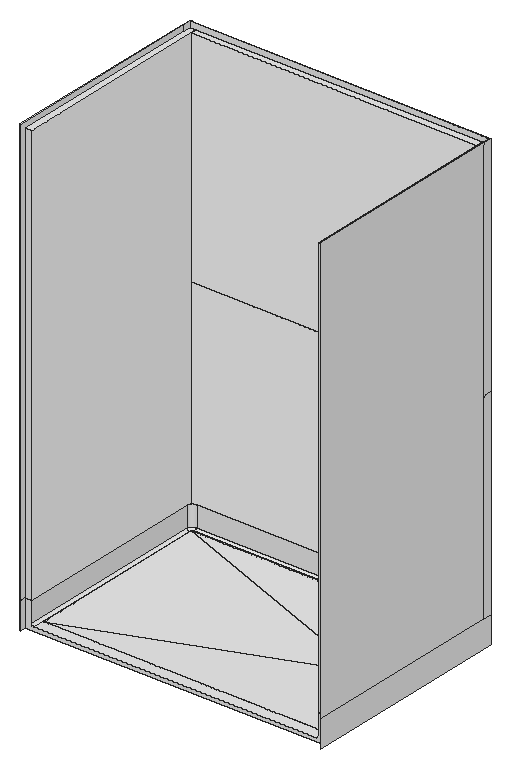
Revit family "5LBS5436FB75B,FB2B,FB75T,FB2T", category Plumbing Fixtures, Revit 2017
Family settings
  Round Connector Dimension = Use Diameter
  Part Type = Normal
  OmniClass Number = 23.45.05.14.17
  OmniClass Title = Showers
  Work Plane-Based = No
  Always vertical = Yes
  Cut with Voids When Loaded = No
  Shared = No
  Room Calculation Point = No
Parameters (values of type "5LBS5436FB75B")
  Unit Width = 54"
  Unit Height = 81 1/4"
  Unit Depth = 37"
  URL = "http://www.bestbath.com/"
  Type Comments = "Barrier Free, Flat Back"
  Threshold Height = 3/4"
  Model = "5LBS5436FB75B"
  Material [instance] = Best Bath Gelcoat Fiberglass - Smooth
  Manufacturer = "Best Bath Systems, Inc."
  Keynote = "22 40 00.B3"
  Description = "4 x 8 Subway Tile, Beveled Threshold"
  Assembly Code = "D2010710"
Types (5): name | Unit Height | Threshold Height | Model | Material | Description
  (no name) | 81 1/4" | 3/4" | "5LBS5436FB75B" | Best Bath Gelcoat Fiberglass - Smooth | "4 x 8 Subway Tile, Beveled Threshold"
  5LBS5436FB75B | 81 1/4" | 3/4" | "5LBS5436FB75B" | Best Bath Gelcoat Fiberglass - Smooth | "4 x 8 Subway Tile, Beveled Threshold"
  5LBS5436FB75T | 81 1/4" | 3/4" | "5LBS5436FB75T" | Best Bath Gelcoat Fiberglass - Smooth | "4 x 8 Subway Tile, Traditionals Bull Nose Threshold"
  5LBS5436FB2T | 82 1/2" | 2" | "5LBS5436FB2T" | Best Bath Gelcoat Fiberglass - Smooth | "4 x 8 Subway Tile, Traditionals Bull Nose Threshold"
  5LBS5436FB2B | 82 1/2" | 2" | "5LBS5436FB2B" | Best Bath Gelcoat Fiberglass - RealTile | "4 x 8 Subway Tile, Beveled Threshold"
Reference planes (in)
  plane 1: z = 0
  plane 2 "Left": x = 0
  plane 3: z = 80.25
  plane 4: z = 81.25
  plane 5: y = 0.36165
  plane 6: y = 37.36165
  plane 7: x = 54
  plane 8: y = 36.11165
  plane 9: y = 19.36165
  plane 10: z = 0.375
  plane 11: z = 0.75
  plane 12: z = 40.25
  plane 13: z = 4.75
  plane 14: y = -0.63835
  plane 15: z = 44
  plane 16: y = 0.36165
  plane 17: x = 45.5
Forms (in)
  Extrusion 1, solid, material "Best Bath Gelcoat Fiberglass - Smooth"
    sketch origin (0, 0, 0) x (1, 0, 0) y (0, 1, 0)
      loop
        line (0, 0.36165) -> (54, 0.36165) -> (54, 37.36165) -> (0, 37.36165) -> (0, 0.36165)
      loop
        circle (45.5032, 19.36165) r 2.125
    from 0 to 0.75
  Extrusion 2, solid, material "Best Bath Gelcoat Fiberglass - Smooth" <- "Material"
    sketch origin (0, 0, 0) x (1, 0, 0) y (0, 1, 0)
      loop
        line (1.25, 37.23665) -> (1.25, 36.11165) -> (52.75, 36.11165) -> (52.75, 37.23665) -> (1.25, 37.23665)
    from 4.75 to 40.25
  Blend 3, void
    base sketch origin (0, 0, 0) x (1, 0, 0) y (0, 1, 0)
      loop
        line (1.875, 2.36165) -> (52.125, 2.36165) -> (52.125, 35.48665) -> (1.875, 35.48665) -> (1.875, 2.36165)
    top sketch origin (0, 0, 0) x (1, 0, 0) y (0, 1, 0)
      loop
        circle (45.49922, 19.36165) r 0.07952
    from 0.75 to 0.375
  Extrusion 4, solid, material "Best Bath Gelcoat Fiberglass - Smooth" <- "Material"
    sketch origin (0, 0, 0) x (1, 0, 0) y (0, 1, 0)
      loop
        line (1.25, 37.36165) -> (1.25, 36.11165) -> (52.75, 36.11165) -> (52.75, 37.36165) -> (1.25, 37.36165)
    from 40.25 to 80.25
  Extrusion 5, solid, material "Best Bath Gelcoat Fiberglass - Smooth"
    sketch origin (0.25, 0, 0) x (1, 0, 0) y (0, 1, 0)
      loop
        line (53.625, 0.36165) -> (53.625, 37.23665) -> (52.5, 37.23665) -> (52.5, 0.36165) -> (53.625, 0.36165)
      loop
        line (-0.125, 0.36165) -> (1, 0.36165) -> (1, 37.23665) -> (-0.125, 37.23665) -> (-0.125, 0.36165)
    from 4.75 to 80.25
  Extrusion 6, solid, material "Best Bath Gelcoat Fiberglass - Smooth"
    sketch origin (0, 0, 0) x (1, 0, 0) y (0, 1, 0)
      loop
        line (0, 37.36165) -> (0, 0.36165) -> (1.25, 0.36165) -> (1.25, 35.11165)
        arc (1.25, 35.11165) -> (1.54289, 35.81875) -> (2.25, 36.11165) r 1
        line (2.25, 36.11165) -> (51.75, 36.11165)
        arc (51.75, 36.11165) -> (52.45711, 35.81875) -> (52.75, 35.11165) r 1
        line (52.75, 35.11165) -> (52.75, 0.36165) -> (54, 0.36165) -> (54, 36.11165) -> (54, 37.36165) -> (0, 37.36165)
    from 0 to 4.75
  Sweep 7, solid, material "Best Bath Gelcoat Fiberglass - Smooth"
    path origin (0, 0, 0) x (1, 0, 0) y (0, 1, 0)
      loop
        line (1.25, 0.36165) -> (1.25, 35.11165)
        arc (1.25, 35.11165) -> (1.54289, 35.81875) -> (2.25, 36.11165) r 1
        line (2.25, 36.11165) -> (51.75, 36.11165)
        arc (51.75, 36.11165) -> (52.45711, 35.81875) -> (52.75, 35.11165) r 1
        line (52.75, 35.11165) -> (52.75, 0.36165)
    profile origin (1.25, 17.73665, 0) x (-1, 0, 0) y (0, 0, 1)
      loop
        line (0, 0.75) -> (0, 1.125)
        arc (0, 1.125) -> (-0.10983, 0.85983) -> (-0.375, 0.75) r 0.375
        line (-0.375, 0.75) -> (0, 0.75)
  Extrusion 8, solid, material "Best Bath Gelcoat Fiberglass - Smooth"
    sketch origin (0, 0, 0) x (1, 0, 0) y (0, 1, 0)
      loop
        line (0, -0.63835) -> (0.125, -0.63835) -> (0.125, 0.36165) -> (0, 0.36165) -> (0, -0.63835)
      loop
        line (54, -0.63835) -> (54, 0.36165) -> (53.875, 0.36165) -> (53.875, -0.63835) -> (54, -0.63835)
    from 0 to 4.75
  Extrusion 9, solid, material "Best Bath Gelcoat Fiberglass - Smooth" <- "Material"
    sketch origin (0, 0, 0) x (1, 0, 0) y (0, 1, 0)
      loop
        line (0, 37.36165) -> (0, 35.86165) -> (0.125, 35.86165) -> (0.125, 37.23665) -> (53.875, 37.23665) -> (53.875, 35.86165) -> (54, 35.86165) -> (54, 37.36165) -> (0, 37.36165)
    from 40.25 to 81.25
  Extrusion 10, solid, material "Best Bath Gelcoat Fiberglass - Smooth"
    sketch origin (0, 0, 0) x (1, 0, 0) y (0, 1, 0)
      loop
        line (53.875, -0.63835) -> (54, -0.63835) -> (54, 35.86165) -> (53.875, 35.86165) -> (53.875, -0.63835)
      loop
        line (0.125, -0.63835) -> (0.125, 35.86165) -> (0, 35.86165) -> (0, -0.63835) -> (0.125, -0.63835)
    from 4.75 to 81.25
  Extrusion 11, solid, material "Best Bath Gelcoat Fiberglass - Smooth"
    sketch origin (0, 0, 0) x (1, 0, 0) y (0, 1, 0)
      loop
        line (0.12513, 37.23665) -> (53.87487, 37.23665) -> (53.87487, 35.86165) -> (54, 35.86165) -> (54, 37.36165) -> (0, 37.36165) -> (0, 35.86165) -> (0.12513, 35.86165) -> (0.12513, 37.23665)
    from 4.75 to 40.5
Cuts and joins
  Blend 3 cuts Extrusion 1
  joined: Extrusion 1, Extrusion 6, Sweep 7, Extrusion 8
  joined: Extrusion 4, Extrusion 9
  joined: Extrusion 5, Extrusion 10
Dimensions and locks (in)
  locked: plane 4 to plane 3 at 1
  "Unit Height": plane 4 to level
  "Unit Width": plane 2 "Left" to plane 7
  locked: plane 6 to plane 8 at 1.25
  plane 6 to plane 9 = 18"
  "Threshold Height": plane 11 to level
  locked: plane 11 to plane 10 at 0.375
  locked: plane 12 to plane 13 at 35.5
  locked: plane 13 to plane 11 at 4
  locked: plane 5 to plane 14 at 1
  plane 15 to plane 12 = 3 3/4"
  "Unit Depth": plane 6 to plane 16
  plane 2 "Left" to plane 17 to plane 7 = 45 1/2", 8 1/2"
  aligned and locked: level to plane 1
  aligned and locked: Extrusion 1 sketch curve to plane 5
  aligned and locked: Extrusion 1 sketch curve to plane 2 "Left"
  aligned and locked: plane 6 to Extrusion 1 sketch curve
  aligned and locked: Extrusion 1 sketch curve to plane 7
  aligned and locked: plane 9 to Extrusion 1 sketch curve
  aligned and locked: plane 11 to Extrusion 1
  aligned and locked: plane 9 to Blend 3 sketch curve
  aligned and locked: Extrusion 1 to Blend 3
  aligned and locked: Blend 3 to plane 10
  aligned and locked: plane 12 to Extrusion 2
  aligned and locked: Extrusion 4 to Extrusion 2
  aligned and locked: plane 3 to Extrusion 4
  aligned and locked: plane 3 to Extrusion 5
  aligned and locked: plane 13 to Extrusion 6
  aligned and locked: Extrusion 5 to plane 13
  aligned and locked: Extrusion 2 to plane 13
  aligned and locked: Sweep 7 sketch curve to plane 11
  aligned and locked: Extrusion 8 to Extrusion 2
  aligned and locked: plane 4 to Extrusion 9
  aligned and locked: Extrusion 10 to Extrusion 2
  aligned and locked: plane 4 to Extrusion 10
  aligned and locked: Extrusion 9 to plane 12
  aligned and locked: cut or joined group of Extrusion 5, Extrusion 10 to Extrusion 4 sketch curve
  aligned and locked: Extrusion 4 sketch curve to cut or joined group of Extrusion 5, Extrusion 10
  aligned and locked: Extrusion 2 sketch curve to cut or joined group of Extrusion 4, Extrusion 9  (x2)
  aligned and locked: Extrusion 11 to Extrusion 2
Automatic sketch dimensions
  Extrusion 2 sketch curve to plane 8 = 0"
  Extrusion 2 sketch curve to plane 6 = 1/8"
  Blend 3 sketch curve to plane 8 = 5/8"
  plane 2 "Left" to Blend 3 sketch curve = 1 7/8"
  plane 7 to Blend 3 sketch curve = 1 7/8"
  plane 5 to Blend 3 sketch curve = 2"
  Extrusion 4 sketch curve to plane 8 = 0"
  Extrusion 4 sketch curve to plane 6 = 0"
  Extrusion 5 sketch curve to plane 5 = 0"  (x2)
  plane 2 "Left" to Extrusion 5 sketch curve = 1/8"
  Extrusion 5 sketch curve to Extrusion 5 sketch curve = 1 1/8"
  plane 7 to Extrusion 5 sketch curve = 1 1/4"
  plane 7 to Extrusion 5 sketch curve = 1/8"
  Extrusion 5 sketch curve to plane 6 = 1/8"  (x2)
  Extrusion 6 sketch curve to plane 2 "Left" = 0"
  Extrusion 6 sketch curve to plane 5 = 0"  (x2)
  Extrusion 6 sketch curve to plane 8 = 0"  (x2)
  Extrusion 6 sketch curve to plane 7 = 0"
  Extrusion 6 sketch curve to plane 6 = 0"
  Extrusion 6 sketch curve to Extrusion 6 sketch curve = 1 1/4"
  Extrusion 6 sketch curve to Extrusion 6 sketch curve = 1"
  Extrusion 6 sketch curve to plane 8 = 1"
  plane 7 to Extrusion 6 sketch curve = 2 1/4"
  Sweep 7 sketch curve to plane 5 = 0"  (x2)
  Sweep 7 sketch curve to plane 8 = 0"
  plane 2 "Left" to Sweep 7 sketch curve = 1 1/4"
  Sweep 7 sketch curve to Sweep 7 sketch curve = 1"
  Sweep 7 sketch curve to plane 8 = 1"
  plane 7 to Sweep 7 sketch curve = 2 1/4"
  Sweep 7 sketch curve to profile plane = 0"
  profile plane to Sweep 7 sketch curve = 3/8"
  Extrusion 8 sketch curve to plane 2 "Left" = 0"
  Extrusion 8 sketch curve to plane 5 = 0"  (x2)
  Extrusion 8 sketch curve to plane 14 = 0"  (x2)
  Extrusion 8 sketch curve to plane 7 = 0"
  plane 2 "Left" to Extrusion 8 sketch curve = 1/8"
  plane 7 to Extrusion 8 sketch curve = 1/8"
  Extrusion 9 sketch curve to plane 2 "Left" = 0"
  Extrusion 9 sketch curve to plane 7 = 0"
  Extrusion 9 sketch curve to plane 6 = 0"
  Extrusion 9 sketch curve to Extrusion 9 sketch curve = 1/8"
  plane 7 to Extrusion 9 sketch curve = 1/8"
  Extrusion 9 sketch curve to plane 6 = 1/8"
  Extrusion 9 sketch curve to plane 8 = 1/4"  (x2)
  Extrusion 10 sketch curve to plane 2 "Left" = 0"
  Extrusion 10 sketch curve to plane 14 = 0"  (x2)
  Extrusion 10 sketch curve to plane 7 = 0"
  plane 2 "Left" to Extrusion 10 sketch curve = 1/8"
  plane 7 to Extrusion 10 sketch curve = 1/8"
  Extrusion 10 sketch curve to plane 8 = 1/4"  (x2)
  Extrusion 11 sketch curve to plane 2 "Left" = 0"
  Extrusion 11 sketch curve to plane 6 = 0"
  Extrusion 11 sketch curve to plane 7 = 0"
  plane 2 "Left" to Extrusion 11 sketch curve = 0.12513"
  plane 7 to Extrusion 11 sketch curve = 0.12513"
  Extrusion 11 sketch curve to plane 6 = 1/8"
  Extrusion 11 sketch curve to plane 8 = 1/4"  (x2)
  Extrusion 1 sketch curve to plane 17 = 0.0032"
  plane 17 to Blend 3 sketch curve = 0.00078"
  radius of Extrusion 1 sketch curve = 2 1/8"
  radius of Blend 3 sketch curve = 0.07952"
